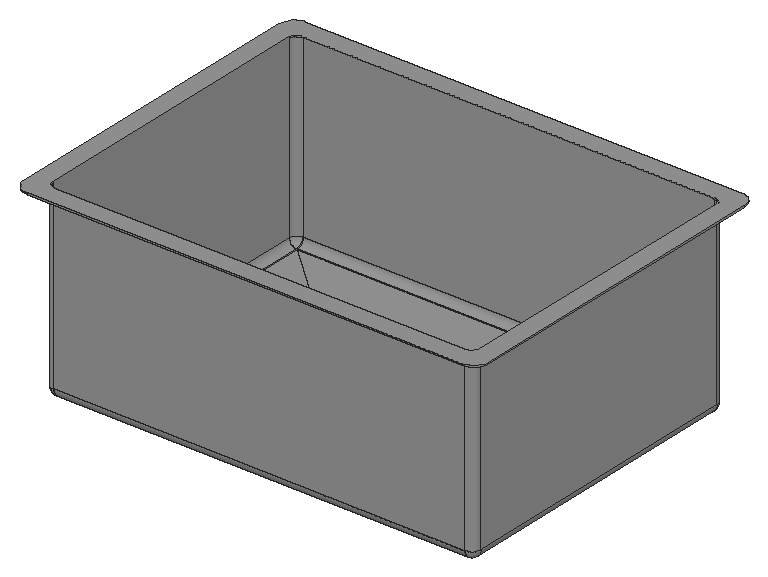
Revit family "BUILDMAT-SNGM004-Willow-600-Gunmetal", category Plumbing Fixtures, host Face, Revit 2020
Family settings
  Host = Face
  Round Connector Dimension = Use Diameter
  Part Type = Normal
  Cut with Voids When Loaded = No
  Shared = No
  Room Calculation Point = No
Parameters (values of type "Willow 600x450x250mm")
  Width = 550.0 mm
  Undermount [instance] = 0.0 mm
  URL = "https://www.buildmat.com.au/products/willow-600x450-medium-single-bowl-sink"
  Side Sound Pad = no
  Side Brackets = yes
  Model = "SNA01004"  # constant formula
  Middle Sound Pad = yes
  Middle Bracket = no
  Manufacturer URL = "https://www.buildmat.com.au/"
  Manufacturer = "BUILDMAT"  # constant formula
  Length = 400.0 mm
  Description = "BUILDMAT - Willow 600x450 Medium Single Bowl Sink"  # constant formula
  Depth = 250.0 mm
  Default Elevation = 1219.2 mm
  Created By URL = "https://www.buildmat.com.au/"
  Created By = "BUILDMAT"  # constant formula
  Created = "22.06.2022"  # constant formula
  Material = BUILDMAT Gunmetal
Reference planes
  plane 1 "Center (Front/Back)": y = 0
  plane 2: z = 0
  plane 3 "Center (Left/Right)": x = 0
  plane 4 "Top Substrate": z = 0
  plane 5 "Left": x = -275
  plane 6 "Right": x = 275
  plane 7 "Back": y = 200
  plane 8 "Front": y = -200
  plane 9: x = -300
  plane 10: x = 300
  plane 11: y = -225
  plane 12: y = 225
  plane 13 "Bottom Void": z = -250
  plane 14: z = 1.5
  plane 15: x = -276.5
  plane 16: y = -201.5
  plane 17: x = 276.5
  plane 18: y = 201.5
  plane 19: z = -240
  plane 20: z = -230
  plane 21: x = -265
  plane 22: x = 265
  plane 23: y = -190
  plane 24: y = 190
  plane 25: z = -245
  plane 26: z = -241.5
  plane 27: z = -246.5
  plane 28: x = -100
  plane 29: x = 100
  plane 30 "Sound Pad": z = -130
  plane 31 "Front Bracket": y = -100
  plane 32 "Back Bracket": y = 100
  plane 33: x = -175
  plane 34: x = 175
  plane 35: x = -57
  plane 36: x = 57
  plane 37: x = -45
  plane 38: x = 45
Forms (mm)
  Extrusion 1, void
    sketch origin (0, 0, 0) x (1, 0, 0) y (0, 1, 0)
      loop
        arc (-265, 200) -> (-272.071, 197.071) -> (-275, 190) r 10
        line (-275, 190) -> (-275, -190)
        arc (-275, -190) -> (-272.071, -197.071) -> (-265, -200) r 10
        line (-265, -200) -> (265, -200)
        arc (265, -200) -> (272.071, -197.071) -> (275, -190) r 10
        line (275, -190) -> (275, 190)
        arc (275, 190) -> (272.071, 197.071) -> (265, 200) r 10
        line (265, 200) -> (-265, 200)
    from 0 to 1.5
  Extrusion 2, void
    sketch origin (0, 0, 0) x (1, 0, 0) y (0, 1, 0)
      loop
        line (-276.5, 201.5) -> (-276.5, -201.5) -> (276.5, -201.5) -> (276.5, 201.5) -> (-276.5, 201.5)
    from 0 to -250
  Extrusion 3, void
    sketch origin (0, 0, 0) x (1, 0, 0) y (0, 1, 0)
      loop
        arc (-280, 225) -> (-294.142, 219.142) -> (-300, 205) r 20
        line (-300, 205) -> (-300, -205)
        arc (-300, -205) -> (-294.142, -219.142) -> (-280, -225) r 20
        line (-280, -225) -> (280, -225)
        arc (280, -225) -> (294.142, -219.142) -> (300, -205) r 20
        line (300, -205) -> (300, 205)
        arc (300, 205) -> (294.142, 219.142) -> (280, 225) r 20
        line (280, 225) -> (-280, 225)
    from 1.5 to 0
  Extrusion 4, solid, material "BUILDMAT Gunmetal" <- "Material"
    sketch origin (0, 0, 0) x (-1, 0, 0) y (0, -1, 0)
      loop
        arc (280, -225) -> (294.142, -219.142) -> (300, -205) r 20
        line (300, -205) -> (300, 205)
        arc (300, 205) -> (294.142, 219.142) -> (280, 225) r 20
        line (280, 225) -> (-280, 225)
        arc (-280, 225) -> (-294.142, 219.142) -> (-300, 205) r 20
        line (-300, 205) -> (-300, -205)
        arc (-300, -205) -> (-294.142, -219.142) -> (-280, -225) r 20
        line (-280, -225) -> (280, -225)
      loop
        arc (265, -200) -> (272.071, -197.071) -> (275, -190) r 10
        line (275, -190) -> (275, 190)
        arc (275, 190) -> (272.071, 197.071) -> (265, 200) r 10
        line (265, 200) -> (-265, 200)
        arc (-265, 200) -> (-272.071, 197.071) -> (-275, 190) r 10
        line (-275, 190) -> (-275, -190)
        arc (-275, -190) -> (-272.071, -197.071) -> (-265, -200) r 10
        line (-265, -200) -> (265, -200)
    from 0 to 1.5
  Extrusion 5, solid, material "BUILDMAT Gunmetal" <- "Material"
    sketch origin (0, 0, 0) x (-1, 0, 0) y (0, -1, 0)
      loop
        arc (265, -201.5) -> (273.132, -198.132) -> (276.5, -190) r 11.5
        line (276.5, -190) -> (276.5, 190)
        arc (276.5, 190) -> (273.132, 198.132) -> (265, 201.5) r 11.5
        line (265, 201.5) -> (-265, 201.5)
        arc (-265, 201.5) -> (-273.132, 198.132) -> (-276.5, 190) r 11.5
        line (-276.5, 190) -> (-276.5, -190)
        arc (-276.5, -190) -> (-273.132, -198.132) -> (-265, -201.5) r 11.5
        line (-265, -201.5) -> (265, -201.5)
      loop
        arc (-265, 200) -> (-272.071, 197.071) -> (-275, 190) r 10
        line (-275, 190) -> (-275, -190)
        arc (-275, -190) -> (-272.071, -197.071) -> (-265, -200) r 10
        line (-265, -200) -> (265, -200)
        arc (265, -200) -> (272.071, -197.071) -> (275, -190) r 10
        line (275, -190) -> (275, 190)
        arc (275, 190) -> (272.071, 197.071) -> (265, 200) r 10
        line (265, 200) -> (-265, 200)
    from 0 to -230
  Revolve 6, solid, material "BUILDMAT Gunmetal" <- "Material"
    sketch origin (-175.162, 190, 1219.2) x (-1, 0, 0) y (0, 0, 1)
      loop
        line (-450.162, -1449.2) -> (-451.662, -1449.2)
        arc (-451.662, -1449.2) -> (-448.293, -1457.332) -> (-440.162, -1460.7) r 11.5
        line (-440.162, -1460.7) -> (-440.162, -1459.2)
        arc (-440.162, -1459.2) -> (-447.233, -1456.271) -> (-450.162, -1449.2) r 10
      axis (-440.162, -1460.7) -> (-440.162, -1449.2)
    angle from 0 to -90
  Revolve 7, solid, material "BUILDMAT Gunmetal" <- "Material"
    sketch origin (-175.162, 190, 1219.2) x (-1, 0, 0) y (0, 0, 1)
      loop
        arc (99.838, -1449.2) -> (96.909, -1456.271) -> (89.838, -1459.2) r 10
        line (89.838, -1459.2) -> (89.838, -1460.7)
        arc (89.838, -1460.7) -> (97.97, -1457.332) -> (101.338, -1449.2) r 11.5
        line (101.338, -1449.2) -> (99.838, -1449.2)
      axis (89.838, -1449.2) -> (89.838, -1460.7)
    angle from 0 to -90
  Revolve 8, solid, material "BUILDMAT Gunmetal" <- "Material"
    sketch origin (-175.162, -190, 1219.2) x (-1, 0, 0) y (0, 0, 1)
      loop
        arc (99.838, -1449.2) -> (96.909, -1456.271) -> (89.838, -1459.2) r 10
        line (89.838, -1459.2) -> (89.838, -1460.7)
        arc (89.838, -1460.7) -> (97.97, -1457.332) -> (101.338, -1449.2) r 11.5
        line (101.338, -1449.2) -> (99.838, -1449.2)
      axis (89.838, -1449.2) -> (89.838, -1460.7)
    angle from 0 to 90
  Revolve 9, solid, material "BUILDMAT Gunmetal" <- "Material"
    sketch origin (-175.162, -190, 1219.2) x (-1, 0, 0) y (0, 0, 1)
      loop
        line (-450.162, -1449.2) -> (-451.662, -1449.2)
        arc (-451.662, -1449.2) -> (-448.293, -1457.332) -> (-440.162, -1460.7) r 11.5
        line (-440.162, -1460.7) -> (-440.162, -1459.2)
        arc (-440.162, -1459.2) -> (-447.233, -1456.271) -> (-450.162, -1449.2) r 10
      axis (-440.162, -1449.2) -> (-440.162, -1460.7)
    angle from 0 to 90
  Extrusion 10, solid, material "BUILDMAT Gunmetal" <- "Material"
    sketch origin (0, 0, 0) x (1, 0, 0) y (0, 0, 1)
      loop
        line (-275, -230) -> (-276.5, -230)
        arc (-276.5, -230) -> (-273.132, -238.132) -> (-265, -241.5) r 11.5
        line (-265, -241.5) -> (-265, -240)
        arc (-265, -240) -> (-272.071, -237.071) -> (-275, -230) r 10
    from -190 to 190
  Extrusion 11, solid, material "BUILDMAT Gunmetal" <- "Material"
    sketch origin (0, 0, 0) x (1, 0, 0) y (0, 0, 1)
      loop
        arc (275, -230) -> (272.071, -237.071) -> (265, -240) r 10
        line (265, -240) -> (265, -241.5)
        arc (265, -241.5) -> (273.132, -238.132) -> (276.5, -230) r 11.5
        line (276.5, -230) -> (275, -230)
    from -190 to 190
  Extrusion 12, solid, material "BUILDMAT Gunmetal" <- "Material"
    sketch origin (0, 0, 0) x (0, 1, 0) y (0, 0, 1)
      loop
        arc (200, -230) -> (197.071, -237.071) -> (190, -240) r 10
        line (190, -240) -> (190, -241.5)
        arc (190, -241.5) -> (198.132, -238.132) -> (201.5, -230) r 11.5
        line (201.5, -230) -> (200, -230)
    from -265 to 265
  Extrusion 13, solid, material "BUILDMAT Gunmetal" <- "Material"
    sketch origin (0, 0, 0) x (0, 1, 0) y (0, 0, 1)
      loop
        line (-200, -230) -> (-201.5, -230)
        arc (-201.5, -230) -> (-198.132, -238.132) -> (-190, -241.5) r 11.5
        line (-190, -241.5) -> (-190, -240)
        arc (-190, -240) -> (-197.071, -237.071) -> (-200, -230) r 10
    from -265 to 265
  Revolve 14, solid, material "BUILDMAT Gunmetal" <- "Material"
    sketch origin (0, 0, 0) x (1, 0, 0) y (0, 0, 1)
      loop
        line (-45, -250) -> (-45, -248.5)
        spline (-45, -248.5) -> (-46.484, -248.459) -> (-47.939, -248.339) -> (-49.337, -248.141) -> (-50.649, -247.871) -> (-51.848, -247.537) -> (-52.908, -247.151) -> (-53.805, -246.726) -> (-54.514, -246.283) -> (-55.023, -245.856) -> (-55.329, -245.483) -> (-55.468, -245.202) -> (-55.5, -245)
        line (-55.5, -245) -> (-57, -245)
        spline (-57, -245) -> (-56.897, -245.653) -> (-56.591, -246.294) -> (-56.087, -246.913) -> (-55.392, -247.5) -> (-54.52, -248.044) -> (-53.485, -248.536) -> (-52.305, -248.967) -> (-51, -249.33) -> (-49.592, -249.619) -> (-48.106, -249.83) -> (-46.566, -249.957) -> (-45, -250)
      axis (0, -245) -> (0, -250)
    angle from 0 to 360
  Blend 15, solid, material "BUILDMAT Gunmetal" <- "Material"
    base sketch origin (0, 0, 0) x (-1, 0, 0) y (0, -1, 0)
      loop
        circle (0, 0) r 57
    top sketch origin (0, 0, 0) x (-1, 0, 0) y (0, -1, 0)
      loop
        line (265, -190) -> (265, 190) -> (-265, 190) -> (-265, -190) -> (265, -190)
    from -246.5 to -241.5
  Blend 16, void
    base sketch origin (0, 0, 0) x (-1, 0, 0) y (0, -1, 0)
      loop
        circle (0, 0) r 57
    top sketch origin (0, 0, 0) x (-1, 0, 0) y (0, -1, 0)
      loop
        line (265, -190) -> (265, 190) -> (-265, 190) -> (-265, -190) -> (265, -190)
    from -245 to -240
  Extrusion 17, solid, material "BUILDMAT Gunmetal" <- "Material"
    sketch origin (0, 0, 0) x (-1, 0, 0) y (0, -1, 0)
      loop
        line (265, -190) -> (265, 190) -> (-265, 190) -> (-265, -190) -> (265, -190)
    from -241.5 to -240
  Extrusion 18, void
    sketch origin (0, 0, 0) x (-1, 0, 0) y (0, -1, 0)
      loop
        circle (0, 0) r 57
    from -250 to -230
Cuts and joins
  joined: Extrusion 4, Extrusion 5
  joined: Revolve 6, Revolve 9
  joined: Revolve 7, Revolve 8
  Blend 16, Extrusion 18 cuts Blend 15
  Blend 16, Extrusion 18 cuts Extrusion 17
  joined: Blend 15, Extrusion 17
Lines and regions (mm)
  Masking region 1
    outline origin (0, 0, 0) x (1, 0, 0) y (0, 0, 1)
      loop
        line (275, 0) -> (-275, 0) -> (-275, -230)
        arc (-275, -230) -> (-272.071, -237.071) -> (-265, -240) r 10
        line (-265, -240) -> (-57, -245) -> (57, -245) -> (265, -240)
        arc (265, -240) -> (272.071, -237.071) -> (275, -230) r 10
        line (275, -230) -> (275, 0)
  Masking region 2
    outline origin (0, 0, 0) x (1, 0, 0) y (0, 0, 1)
      loop
        line (-100, -245.466) -> (-100, -250) -> (-57, -250) -> (-57, -246.5) -> (-100, -245.466)
  Masking region 3
    outline origin (0, 0, 0) x (1, 0, 0) y (0, 0, 1)
      loop
        line (57, -246.5) -> (57, -250) -> (100, -250) -> (100, -245.466) -> (57, -246.5)
Text (mm)
  text "Refer to www.buildmat.com.au for the most current product literature. \nAllow a +/- 5mm tolerance for dimensions shown in the product literature. \nPlease note product details are subject to change due to ongoing product development." at (0.056, -1035.857, 0), in view "Ref. Level"
Dimensions and locks
  "Undermount": plane 2 to plane 4 "Top Substrate"
  equal spacing: plane 5 "Left", plane 3 "Center (Left/Right)", plane 6 "Right"
  "Width": plane 5 "Left" to plane 6 "Right"
  "Length": plane 7 "Back" to plane 8 "Front"
  equal spacing: plane 7 "Back", plane 1 "Center (Front/Back)", plane 8 "Front"
  locked: plane 12 to plane 7 "Back" at 25
  locked: plane 8 "Front" to plane 11 at 25
  locked: plane 9 to plane 5 "Left" at 25
  locked: plane 6 "Right" to plane 10 at 25
  "Depth": plane 4 "Top Substrate" to plane 13 "Bottom Void"
  locked: plane 14 to plane 4 "Top Substrate" at 1.5
  locked: plane 18 to plane 7 "Back" at 1.5
  locked: plane 8 "Front" to plane 16 at 1.5
  plane 15 to plane 5 "Left" = 1.5 mm
  plane 6 "Right" to plane 17 = 1.5 mm
  plane 20 to plane 19 to plane 13 "Bottom Void" = 10.0 mm, 10.0 mm
  locked: plane 5 "Left" to plane 21 at 10
  locked: plane 22 to plane 6 "Right" at 10
  locked: plane 7 "Back" to plane 24 at 10
  locked: plane 23 to plane 8 "Front" at 10
  locked: plane 19 to plane 26 at 1.5
  locked: plane 25 to plane 13 "Bottom Void" at 5
  locked: plane 25 to plane 27 at 1.5
  plane 29 to plane 3 "Center (Left/Right)" to plane 28 = 100.0 mm locked, 100.0 mm locked
  locked: plane 30 "Sound Pad" to plane 13 "Bottom Void" at 120
  locked: plane 7 "Back" to plane 32 "Back Bracket" at 100
  locked: plane 31 "Front Bracket" to plane 8 "Front" at 100
  locked: plane 33 to plane 5 "Left" at 100
  locked: plane 6 "Right" to plane 34 at 100
  equal spacing: plane 3 "Center (Left/Right)", nested 15, plane 33
  equal spacing: plane 34, nested 16, plane 3 "Center (Left/Right)"
  plane 37 to plane 3 "Center (Left/Right)" to plane 38 = 45.0 mm locked, 45.0 mm locked
  plane 35 to plane 3 "Center (Left/Right)" to plane 36 = 57.0 mm locked, 57.0 mm locked
  aligned and locked: plane 2 to host face
  aligned and locked: level to host face
  aligned and locked: plane 8 "Front" to Extrusion 1 sketch curve
  aligned and locked: Extrusion 1 sketch curve to plane 7 "Back"
  aligned and locked: plane 5 "Left" to Extrusion 1 sketch curve
  aligned and locked: Extrusion 1 sketch curve to plane 6 "Right"
  aligned and locked: plane 2 to Extrusion 1
  aligned and locked: plane 14 to Extrusion 1
  aligned and locked: Extrusion 2 sketch curve to plane 16
  aligned and locked: Extrusion 2 sketch curve to plane 18
  aligned and locked: plane 15 to Extrusion 2 sketch curve
  aligned and locked: plane 17 to Extrusion 2 sketch curve
  aligned and locked: Extrusion 2 to plane 13 "Bottom Void"
  aligned and locked: plane 4 "Top Substrate" to Extrusion 2
  aligned and locked: Extrusion 3 sketch curve to plane 11
  aligned and locked: plane 9 to Extrusion 3 sketch curve
  aligned and locked: Extrusion 3 sketch curve to plane 10
  aligned and locked: Extrusion 3 sketch curve to plane 12
  aligned and locked: Extrusion 3 to plane 4 "Top Substrate"
  aligned and locked: Extrusion 3 to plane 14
  aligned and locked: Extrusion 4 sketch curve to plane 11
  aligned and locked: Extrusion 4 sketch curve to plane 12
  aligned and locked: plane 9 to Extrusion 4 sketch curve
  aligned and locked: Extrusion 4 sketch curve to plane 10
  aligned and locked: plane 5 "Left" to Extrusion 4 sketch curve
  aligned and locked: Extrusion 4 sketch curve to plane 6 "Right"
  aligned and locked: Extrusion 4 sketch curve to plane 7 "Back"
  aligned and locked: plane 8 "Front" to Extrusion 4 sketch curve
  aligned and locked: Extrusion 5 sketch curve to plane 7 "Back"
  aligned and locked: plane 5 "Left" to Extrusion 5 sketch curve
  aligned and locked: Extrusion 5 sketch curve to plane 6 "Right"
  aligned and locked: plane 8 "Front" to Extrusion 5 sketch curve
  aligned and locked: plane 15 to Extrusion 5 sketch curve
  aligned and locked: Extrusion 5 sketch curve to plane 16
  aligned and locked: plane 17 to Extrusion 5 sketch curve
  aligned and locked: Extrusion 5 sketch curve to plane 18
  aligned and locked: Extrusion 5 to plane 20
  aligned and locked: plane 4 "Top Substrate" to Extrusion 5
  aligned and locked: Extrusion 11 to plane 23
  aligned and locked: plane 24 to Extrusion 11
  aligned and locked: plane 24 to Extrusion 10
  aligned and locked: Extrusion 10 to plane 23
  aligned and locked: Extrusion 13 to plane 21
  aligned and locked: plane 22 to Extrusion 13
  aligned and locked: plane 22 to Extrusion 12
  aligned and locked: Extrusion 12 to plane 21
  aligned and locked: plane 21 to Blend 15 sketch curve
  aligned and locked: Blend 15 sketch curve to plane 22
  aligned and locked: Blend 15 sketch curve to plane 23
  aligned and locked: Blend 15 sketch curve to plane 24
  aligned and locked: plane 27 to Blend 15
  aligned and locked: Blend 15 to plane 26
  aligned and locked: Blend 16 sketch curve to plane 24
  aligned and locked: plane 21 to Blend 16 sketch curve
  aligned and locked: Blend 16 sketch curve to plane 22
  aligned and locked: Blend 16 sketch curve to plane 23
  aligned and locked: Blend 16 to plane 25
  aligned and locked: Blend 16 to plane 19
  aligned and locked: Extrusion 17 sketch curve to plane 24
  aligned and locked: Extrusion 17 sketch curve to plane 23
  aligned and locked: plane 21 to Extrusion 17 sketch curve
  aligned and locked: Extrusion 17 sketch curve to plane 22
  aligned and locked: Extrusion 17 to plane 26
  aligned and locked: Extrusion 17 to plane 19
  aligned and locked: Extrusion 18 to plane 13 "Bottom Void"
  aligned and locked: plane 20 to Extrusion 18
  aligned and locked: cut or joined group of Blend 15, Blend 16, Extrusion 17, Extrusion 18 to Masking region 2 sketch curve
  aligned and locked: Masking region 3 sketch curve to cut or joined group of Blend 15, Blend 16, Extrusion 17, Extrusion 18
  aligned and locked: plane 3 "Center (Left/Right)" to nested 1
  aligned and locked: nested 1 to plane 4 "Top Substrate"
  aligned and locked: plane 3 "Center (Left/Right)" to nested 2
  aligned and locked: nested 2 to plane 30 "Sound Pad"
  aligned and locked: nested 3 to plane 18
  aligned and locked: plane 3 "Center (Left/Right)" to nested 3
  aligned and locked: plane 16 to nested 4
  aligned and locked: nested 4 to plane 3 "Center (Left/Right)"
  aligned and locked: plane 31 "Front Bracket" to nested 6
  aligned and locked: plane 15 to nested 6
  aligned and locked: plane 31 "Front Bracket" to nested 8
  aligned and locked: plane 17 to nested 8
  aligned and locked: plane 32 "Back Bracket" to nested 7
  aligned and locked: plane 17 to nested 7
  aligned and locked: plane 32 "Back Bracket" to nested 5
  aligned and locked: plane 15 to nested 5
  aligned and locked: nested 9 to plane 4 "Top Substrate"
  aligned and locked: nested 9 to plane 33
  aligned and locked: nested 10 to plane 4 "Top Substrate"
  aligned and locked: nested 10 to plane 34
  aligned and locked: nested 13 to plane 33
  aligned and locked: nested 14 to plane 34
  aligned and locked: plane 16 to nested 13
  aligned and locked: nested 14 to plane 16
  aligned and locked: plane 33 to nested 11
  aligned and locked: nested 11 to plane 18
  aligned and locked: plane 34 to nested 12
  aligned and locked: plane 18 to nested 12
  aligned and locked: nested 15 to plane 30 "Sound Pad"
  aligned and locked: nested 16 to plane 30 "Sound Pad"
  aligned and locked: nested 17 to plane 23
  aligned and locked: nested 17 to plane 24
  aligned and locked: plane 22 to nested 17
  aligned and locked: plane 21 to nested 17
  aligned and locked: plane 3 "Center (Left/Right)" to nested 18
  aligned and locked: plane 1 "Center (Front/Back)" to nested 18
  aligned and locked: plane 4 "Top Substrate" to Masking region 1
Automatic sketch dimensions
  host sketch curve to host sketch curve = 2438.4 mm  (x2)
  plane 5 "Left" to Extrusion 1 sketch curve = 10.0 mm  (x2)
  Extrusion 1 sketch curve to plane 6 "Right" = 10.0 mm  (x2)
  Extrusion 4 sketch curve to plane 10 = 20.0 mm  (x2)
  Extrusion 4 sketch curve to Extrusion 4 sketch curve = 10.0 mm  (x2)
  plane 5 "Left" to Extrusion 4 sketch curve = 10.0 mm
  plane 9 to Extrusion 4 sketch curve = 20.0 mm
  plane 8 "Front" to Extrusion 4 sketch curve = 10.0 mm
  plane 11 to Extrusion 4 sketch curve = 20.0 mm
  Extrusion 3 sketch curve to plane 5 "Left" = 5.0 mm
  plane 6 "Right" to Extrusion 3 sketch curve = 5.0 mm  (x2)
  plane 7 "Back" to Extrusion 3 sketch curve = 5.0 mm
  plane 5 "Left" to Extrusion 5 sketch curve = 10.0 mm
  Extrusion 5 sketch curve to plane 6 "Right" = 10.0 mm
  plane 8 "Front" to Extrusion 5 sketch curve = 10.0 mm
  Extrusion 5 sketch curve to plane 7 "Back" = 10.0 mm
  Extrusion 5 sketch curve to Extrusion 5 sketch curve = 0.0 mm  (x4)
  Revolve 6 sketch curve to Revolve 6 sketch curve = 0.0 mm  (x3)
  plane 17 to Revolve 6 sketch curve = 0.0 mm
  Revolve 6 sketch curve to plane 6 "Right" = 0.0 mm
  Revolve 6 sketch curve to plane 22 = 0.0 mm  (x2)
  Revolve 6 sketch curve to plane 19 = 0.0 mm
  Revolve 6 sketch curve to plane 20 = 0.0 mm
  Revolve 7 sketch curve to Revolve 7 sketch curve = 0.0 mm  (x3)
  Revolve 7 sketch curve to plane 20 = 0.0 mm  (x2)
  Revolve 7 sketch curve to plane 21 = 0.0 mm  (x2)
  Revolve 7 sketch curve to plane 5 "Left" = 0.0 mm
  Revolve 7 sketch curve to plane 15 = 0.0 mm
  Revolve 8 sketch curve to Revolve 8 sketch curve = 0.0 mm  (x3)
  Revolve 8 sketch curve to plane 20 = 0.0 mm  (x2)
  Revolve 8 sketch curve to plane 21 = 0.0 mm  (x2)
  Revolve 8 sketch curve to plane 5 "Left" = 0.0 mm
  Revolve 8 sketch curve to plane 15 = 0.0 mm
  Revolve 9 sketch curve to Revolve 9 sketch curve = 0.0 mm  (x3)
  plane 17 to Revolve 9 sketch curve = 0.0 mm
  Revolve 9 sketch curve to plane 6 "Right" = 0.0 mm
  Revolve 9 sketch curve to plane 22 = 0.0 mm  (x2)
  Revolve 9 sketch curve to plane 20 = 0.0 mm
  Revolve 9 sketch curve to plane 19 = 0.0 mm
  Extrusion 10 sketch curve to plane 15 = 0.0 mm
  Extrusion 10 sketch curve to plane 5 "Left" = 0.0 mm
  Extrusion 10 sketch curve to plane 19 = 0.0 mm
  Extrusion 10 sketch curve to plane 21 = 0.0 mm
  Extrusion 11 sketch curve to plane 20 = 0.0 mm
  Extrusion 11 sketch curve to plane 22 = 0.0 mm
  Extrusion 11 sketch curve to plane 6 "Right" = 0.0 mm
  plane 17 to Extrusion 11 sketch curve = 0.0 mm
  Extrusion 12 sketch curve to plane 20 = 0.0 mm
  Extrusion 12 sketch curve to plane 24 = 0.0 mm
  Extrusion 12 sketch curve to plane 7 "Back" = 0.0 mm
  Extrusion 12 sketch curve to plane 18 = 0.0 mm
  Extrusion 13 sketch curve to plane 16 = 0.0 mm
  Extrusion 13 sketch curve to plane 8 "Front" = 0.0 mm
  Extrusion 13 sketch curve to plane 23 = 0.0 mm
  Extrusion 13 sketch curve to plane 19 = 0.0 mm
  Revolve 14 sketch curve to plane 25 = 0.0 mm
  Revolve 14 sketch curve to plane 13 "Bottom Void" = 0.0 mm  (x2)
  Revolve 14 sketch curve to plane 3 "Center (Left/Right)" = 0.0 mm
  Revolve 14 sketch curve to plane 20 = 0.0 mm
  Revolve 14 sketch curve to plane 3 "Center (Left/Right)" = 45.0 mm
  Revolve 14 sketch curve to Revolve 14 sketch curve = 10.5 mm
  Revolve 14 sketch curve to Revolve 14 sketch curve = 1.5 mm  (x2)
  Revolve 14 sketch curve to Revolve 14 sketch curve = 0.0 mm
  plane 1 "Center (Front/Back)" to Blend 15 sketch curve = 0.0 mm
  Blend 15 sketch curve to plane 3 "Center (Left/Right)" = 0.0 mm
  plane 1 "Center (Front/Back)" to Blend 16 sketch curve = 0.0 mm
  Blend 16 sketch curve to plane 3 "Center (Left/Right)" = 0.0 mm
  plane 1 "Center (Front/Back)" to Extrusion 18 sketch curve = 0.0 mm
  Extrusion 18 sketch curve to plane 3 "Center (Left/Right)" = 0.0 mm
  Masking region 1 sketch curve to level = 0.0 mm
  Masking region 1 sketch curve to plane 20 = 0.0 mm
  Masking region 1 sketch curve to plane 21 = 0.0 mm
  Masking region 1 sketch curve to plane 25 = 0.0 mm
  Masking region 1 sketch curve to plane 3 "Center (Left/Right)" = 57.0 mm
  plane 3 "Center (Left/Right)" to Masking region 1 sketch curve = 57.0 mm
  Masking region 1 sketch curve to plane 19 = 0.0 mm
  Masking region 1 sketch curve to plane 22 = 0.0 mm
  Masking region 1 sketch curve to plane 6 "Right" = 0.0 mm
  Masking region 1 sketch curve to plane 5 "Left" = 0.0 mm
  Masking region 2 sketch curve to plane 28 = 0.0 mm
  Masking region 2 sketch curve to plane 13 "Bottom Void" = 0.0 mm
  Masking region 2 sketch curve to plane 27 = 0.0 mm
  Masking region 3 sketch curve to plane 27 = 0.0 mm
  Masking region 3 sketch curve to plane 13 "Bottom Void" = 0.0 mm
  Masking region 3 sketch curve to plane 29 = 0.0 mm
  radius of Blend 15 sketch curve = 57.0 mm
  radius of Blend 16 sketch curve = 57.0 mm
  radius of Extrusion 18 sketch curve = 57.0 mm
Nested families
  nested 1: "TMB_Front" at (0, 0, 0) x (1, 0, 0) z (0, -1, 0), visible <- "Middle Bracket", type "TMB_Front"
  nested 2: "SP_Front" at (0, 0, -130) x (1, 0, 0) z (0, -1, 0), visible <- "Middle Sound Pad", type "SP_Front"
  nested 3: "TMB_Plan" at (0, 201.5, 0), visible <- "Middle Bracket", type "TMB_Plan"
  nested 4: "TMB_Plan" at (0, -201.5, 0) x (-1, 0, 0) z (0, 0, 1), visible <- "Middle Bracket", type "TMB_Plan"
  nested 5: "TMB_Plan" at (-276.5, 100, 0) x (0, 1, 0) z (0, 0, 1), type "TMB_Plan"
  nested 6: "TMB_Plan" at (-276.5, -100, 0) x (0, 1, 0) z (0, 0, 1), type "TMB_Plan"
  nested 7: "TMB_Plan" at (276.5, 100, 0) x (0, -1, 0) z (0, 0, 1), type "TMB_Plan"
  nested 8: "TMB_Plan" at (276.5, -100, 0) x (0, -1, 0) z (0, 0, 1), type "TMB_Plan"
  nested 9: "TMB_Front" at (-175, 0, 0) x (1, 0, 0) z (0, -1, 0), visible <- "Side Brackets", type "TMB_Front"
  nested 10: "TMB_Front" at (175, 0, 0) x (1, 0, 0) z (0, -1, 0), visible <- "Side Brackets", type "TMB_Front"
  nested 11: "TMB_Plan" at (-175, 201.5, 0), visible <- "Side Brackets", type "TMB_Plan"
  nested 12: "TMB_Plan" at (175, 201.5, 0), visible <- "Side Brackets", type "TMB_Plan"
  nested 13: "TMB_Plan" at (-175, -201.5, 0) x (-1, 0, 0) z (0, 0, 1), visible <- "Side Brackets", type "TMB_Plan"
  nested 14: "TMB_Plan" at (175, -201.5, 0) x (-1, 0, 0) z (0, 0, 1), visible <- "Side Brackets", type "TMB_Plan"
  nested 15: "SP_Front" at (-87.5, 0, -130) x (1, 0, 0) z (0, -1, 0), visible <- "Side Sound Pad", type "SP_Front"
  nested 16: "SP_Front" at (87.5, 0, -130) x (1, 0, 0) z (0, -1, 0), visible <- "Side Sound Pad", type "SP_Front"
  nested 17: "BOWL Plan" at (0, 0, -130), type "BOWL Plan"
    with Width 530.0 mm, Lenght 380.0 mm
  nested 18: "DRAIN" at (0, 0, 0), type "DRAIN"
Definition of nested family "TMB_Front"
  Reference planes
    plane 1 "Center (Elevation)": y = 0
    plane 2: z = 0
    plane 3 "Center (Left/Right)": x = 0
  Lines and regions (mm)
    Masking region 1, in view "Ref. Level"
      outline origin (0, 0, 0) x (1, 0, 0) y (0, 1, 0)
        loop
          line (-17.5, 0) -> (-17.5, -80) -> (17.5, -80) -> (17.5, 0) -> (-17.5, 0)
    detail lines, in view "Ref. Level"
      curve 1: line (-17.5, 0, 0) -> (-17.5, -80, 0)
      curve 2: line (-17.5, -80, 0) -> (17.5, -80, 0)
      curve 3: line (17.5, -80, 0) -> (17.5, 0, 0)
      curve 4: line (-12.5, -50, 0) -> (12.5, -50, 0)
      curve 5: line (-12.5, -75, 0) -> (-12.5, -50, 0)
      curve 6: line (12.5, -75, 0) -> (-12.5, -75, 0)
      curve 7: line (12.5, -50, 0) -> (12.5, -75, 0)
Definition of nested family "SP_Front"
  Reference planes
    plane 1 "Center (Elevation)": y = 0
    plane 2: z = 0
    plane 3 "Center (Left/Right)": x = 0
  Lines and regions (mm)
    Masking region 1, in view "Ref. Level"
      outline origin (0, 0, 0) x (1, 0, 0) y (0, 1, 0)
        loop
          arc (-50, 40) -> (-57.071, 37.071) -> (-60, 30) r 10
          line (-60, 30) -> (-60, -30)
          arc (-60, -30) -> (-57.071, -37.071) -> (-50, -40) r 10
          line (-50, -40) -> (50, -40)
          arc (50, -40) -> (57.071, -37.071) -> (60, -30) r 10
          line (60, -30) -> (60, 30)
          arc (60, 30) -> (57.071, 37.071) -> (50, 40) r 10
          line (50, 40) -> (-50, 40)
    detail lines, in view "Ref. Level"
      curve 1: line (-50, 40, 0) -> (50, 40, 0)
      curve 2: line (50, -40, 0) -> (-50, -40, 0)
      curve 3: line (60, 30, 0) -> (60, -30, 0)
      curve 4: line (-60, 30, 0) -> (-60, -30, 0)
      curve 5: arc (-50, 40, 0) -> (-57.071, 37.071, 0) -> (-60, 30, 0) r 10
      curve 6: arc (-60, -30, 0) -> (-57.071, -37.071, 0) -> (-50, -40, 0) r 10
      curve 7: arc (50, -40, 0) -> (57.071, -37.071, 0) -> (60, -30, 0) r 10
      curve 8: arc (60, 30, 0) -> (57.071, 37.071, 0) -> (50, 40, 0) r 10
  Dimensions and locks
    aligned and locked: Masking region 1 sketch curve to curve 1
    aligned and locked: Masking region 1 sketch curve to curve 4
    aligned and locked: Masking region 1 sketch curve to curve 2
    aligned and locked: Masking region 1 sketch curve to curve 3
Definition of nested family "TMB_Plan"
  Reference planes
    plane 1 "Center (Front/Back)": y = 0
    plane 2: z = 0
    plane 3 "Center (Left/Right)": x = 0
  Lines and regions (mm)
    detail lines, in view "Ref. Level"
      curve 1: line (-17.5, 0, 0) -> (17.5, 0, 0)
      curve 2: line (17.5, 0, 0) -> (17.5, 5, 0)
      curve 3: line (17.5, 5, 0) -> (12.5, 5, 0)
      curve 4: line (-17.5, 0, 0) -> (-17.5, 5, 0)
      curve 5: line (-17.5, 5, 0) -> (-12.5, 5, 0)
Definition of nested family "BOWL Plan"
  Parameters (values of type "BOWL Plan")
    Width [instance] = 600.0 mm
    Lenght [instance] = 400.0 mm
  Reference planes
    plane 1 "Center (Front/Back)": y = 0
    plane 2: z = 0
    plane 3 "Center (Left/Right)": x = 0
    plane 4 "Left": x = -300
    plane 5 "Right": x = 300
    plane 6 "Back": y = 200
    plane 7 "Front": y = -200
  Lines and regions (mm)
    Masking region 1, in view "Ref. Level"
      outline origin (0, 0, 0) x (1, 0, 0) y (0, 1, 0)
        loop
          line (-300, 200) -> (-300, -200) -> (300, -200) -> (300, 200) -> (-300, 200)
    detail lines, in view "Ref. Level"
      curve 1: line (-300, 200, 0) -> (300, -200, 0)
      curve 2: line (-300, -200, 0) -> (300, 200, 0)
  Dimensions and locks
    equal spacing: plane 6 "Back", plane 1 "Center (Front/Back)", plane 7 "Front"
    "Lenght": plane 6 "Back" to plane 7 "Front"
    equal spacing: plane 4 "Left", plane 3 "Center (Left/Right)", plane 5 "Right"
    "Width": plane 4 "Left" to plane 5 "Right"
    aligned and locked: plane 4 "Left" to Masking region 1 sketch curve
    aligned and locked: Masking region 1 sketch curve to plane 5 "Right"
    aligned and locked: plane 7 "Front" to Masking region 1 sketch curve
    aligned and locked: Masking region 1 sketch curve to plane 6 "Back"
  Automatic sketch dimensions
    curve 2 to plane 4 "Left" = 0.0 mm
    curve 1 to plane 4 "Left" = 0.0 mm
    curve 2 to plane 5 "Right" = 0.0 mm
    curve 1 to plane 5 "Right" = 0.0 mm
    curve 1 to plane 7 "Front" = 0.0 mm
    curve 2 to plane 7 "Front" = 0.0 mm
    curve 2 to plane 6 "Back" = 0.0 mm
    curve 1 to plane 6 "Back" = 0.0 mm
Definition of nested family "DRAIN"
  Reference planes
    plane 1 "Center (Front/Back)": y = 0
    plane 2: z = 0
    plane 3 "Center (Left/Right)": x = 0
  Lines and regions (mm)
    Masking region 1, in view "Ref. Level"
      outline origin (0, 0, 0) x (1, 0, 0) y (0, 1, 0)
        loop
          circle (0, 0) r 57
    detail lines, in view "Ref. Level"
      curve 1: circle (0, 0, 0) r 45 normal (0, 0, 1)
      curve 2: circle (0, 0, 0) r 55.5 normal (0, 0, 1)
